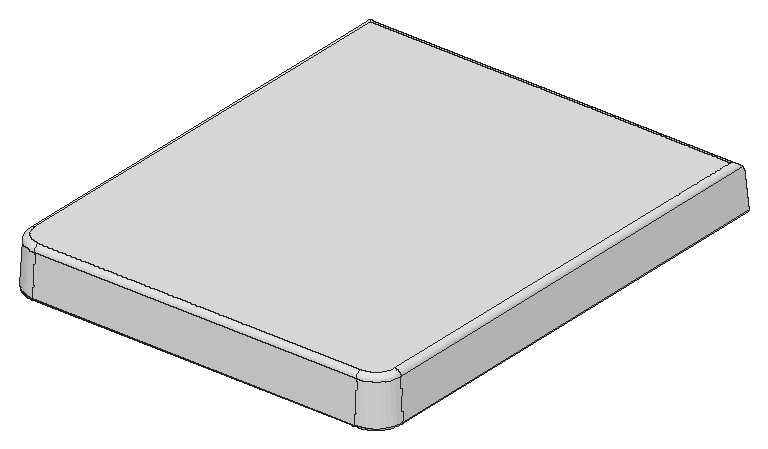
Revit family "Toilet_Seat-Elongated_Closed_Front-KOHLER-REVE-K-17183T_1", category Specialty Equipment, host Face, Revit 2017
Family settings
  Host = Face
  Round Connector Dimension = Use Diameter
  Part Type = Normal
  OmniClass Number = 23.31.25.00
  OmniClass Title = Toilet and Bath Specialties
  Cut with Voids When Loaded = No
  Shared = No
  Room Calculation Point = No
Parameters (values of type "0-White")
  Width = 13 125/128"  # constant formula
  WaterSense Certified = 1 = 0  # no
  URL = "http://www.kohler.com.cn/"
  Type = 1
  Product Page URL = "https://www.kohler.com.cn/product/K-17183T-BG-0/K-17183T-BG-0/"
  Product Name = "REVE"  # constant formula
  Product Documentation Link = "https://files.kohler.com.cn/pdfs/k_17183t.pdf"
  Model = "K-17183T-BG-0"  # constant formula
  Material = "Plastic"  # constant formula
  Master Format 2014 Name = "Toilet, Bath, and Laundry Accessories"  # constant formula
  Master Format 2014 = "10 28 00"  # constant formula
  Manufacturer Address = "Kohler Beijing Office (100016) 36-2-03-B, No. 88, Liuxiang Road, Beijing"  # constant formula
  Manufacturer = "KOHLER Co."  # constant formula
  Length = 17 19/128"  # constant formula
  Height = 1 31/32"  # constant formula
  Finish = Kohler-Plastic-0-White
  Environmental Product Declaration = ""
  Description = "Slow Down Toilet Cover"  # constant formula
  Default Elevation = 0"
  Declare Label = ""
  Date Modified = "05/12/2021"  # constant formula
  Date Created = "05/12/2021"  # constant formula
  Copyright = "Copyright KOHLER Co."  # constant formula
  Contact Us = "http://www.kohler.com.cn/contact/contact-us/"
  Assembly Code = "C1030200"
  ADA Compliant = 1 = 0  # no
Reference planes (in)
  plane 1 "Center (Front/Back)": y = 0
  plane 2: z = 0
  plane 3 "Center (Left/Right)": x = 0
  plane 4: x = 6.98819
  plane 5: y = -8.5748
  plane 6: x = -6.98837
  plane 7: x = -4.40945
  plane 8: x = -4.88189
  plane 9: y = 8.57363
  plane 10: y = 8.34379
  plane 11: z = 1.96875
  plane 12: x = 4.40945
  plane 13: x = 4.88189
Dimensions and locks (in)
  "Width": plane 6 to plane 4
  "Length": plane 9 to plane 5
  plane 9 to plane 10 = 0.22985"
  "Height": plane 11 to level
  plane 8 to plane 13 = 9.76378"
  plane 7 to plane 12 = 8.8189"
  aligned and locked: plane 2 to host face
  aligned and locked: level to host face
Automatic sketch dimensions
  host sketch curve to host sketch curve = 96"  (x2)
Nested families (in)
  nested 1: "K-17183T" at (0, 0, 0), type "K-17183T"
Definition of nested family "K-17183T"
  Parameters (values of type "K-17183T")
    Material = none
  Reference planes (in)
    plane 1 "Center (Front/Back)": y = 0
    plane 2: z = 0
    plane 3 "Center (Left/Right)": x = 0
    plane 4: y = 8.5748
    plane 5: x = 6.98819
    plane 6: y = -8.5748
    plane 7: x = -6.98819
    plane 8: z = 1.9685
    plane 9: y = 7.98425
    plane 10: x = 4.88189
    plane 11: x = 4.40945
    plane 12: x = -4.88189
    plane 13: x = -4.40945
    plane 14: x = 3.87796
    plane 15: x = -3.87796
    plane 16: y = 8.34496
    plane 17: z = -0.13076
  Forms (in)
    Sweep 1, solid, material <- "Material", detail levels medium+fine
      path origin (0, 0, 0) x (1, 0, 0) y (0, 1, 0)
        loop
          line (6.98819, 8.5748) -> (6.98819, -7.59055)
          arc (6.98819, -7.59055) -> (6.69991, -8.28652) -> (6.00394, -8.5748) r 0.98425
          line (6.00394, -8.5748) -> (-6.00394, -8.5748)
          arc (-6.00394, -8.5748) -> (-6.69991, -8.28652) -> (-6.98819, -7.59055) r 0.98425
          line (-6.98819, -7.59055) -> (-6.98819, 8.5748)
      profile origin (6.98819, 0.49213, 0) x (1, 0, 0) y (0, 0, 1)
        loop
          arc (-0.06837, 1.75988) -> (-0.13563, 1.90796) -> (-0.28657, 1.9685) r 0.21842
          line (-0.28657, 1.9685) -> (-0.36584, 1.9685) -> (-0.36584, 0.19685) -> (-0.03863, 0.19685)
          arc (-0.03863, 0.19685) -> (-0.01068, 0.2088) -> (0, 0.23725) r 0.03867
          line (0, 0.23725) -> (-0.06837, 1.75988)
    Extrusion 2, solid, material <- "Material", detail levels medium+fine
      sketch origin (0, 0, 0) x (1, 0, 0) y (0, 1, 0)
        loop
          arc (-6.62235, -7.59055) -> (-6.44122, -8.02784) -> (-6.00394, -8.20897) r 0.61841
          line (-6.00394, -8.20897) -> (6.00394, -8.20897)
          arc (6.00394, -8.20897) -> (6.44122, -8.02784) -> (6.62235, -7.59055) r 0.61841
          line (6.62235, -7.59055) -> (6.62235, 8.5748) -> (-6.62235, 8.5748) -> (-6.62235, -7.59055)
      from 0.3937 to 1.9685
    Extrusion 3, void
      sketch origin (0, 0.07382, 0) x (0, 1, 0) y (0, 0, 1)
        loop
          line (7.77708, 2.06384) -> (7.77708, 1.99151) -> (7.82467, 1.99151)
          arc (7.82467, 1.99151) -> (8.20728, 1.83996) -> (8.38234, 1.46752) r 0.55876
          line (8.38234, 1.46752) -> (8.47149, 0.03742) -> (8.85714, 0.03742) -> (8.85714, 2.06384) -> (7.77708, 2.06384)
      from -8.66142 to 8.66142
    Extrusion 4, void
      sketch origin (0, -0.7874, 0) x (0, 1, 0) y (0, 0, 1)
        loop
          line (8.17007, 0.82031) -> (8.25128, -0.31328) -> (9.34355, -0.31328) -> (9.34355, 1.84979) -> (8.01734, 1.34071)
          arc (8.01734, 1.34071) -> (8.12164, 1.08871) -> (8.17007, 0.82031) r 1.27721
      from -4.40945 to 4.40945
    Extrusion 5, solid, material <- "Material", detail levels medium+fine
      sketch origin (0, -0.59055, 0) x (0, 1, 0) y (0, 0, 1)
        loop
          circle (8.5748, 1.01192) r 0.51181
      from -4.40945 to -3.0433
    Revolve 6, solid, material <- "Material", detail levels medium+fine
      sketch origin (-2.69686, 8.34496, 47.24409) x (1, 0, 0) y (0, 0, 1)
        loop
          line (-1.1811, -46.90945) -> (-1.1811, -47.24409) -> (-0.33247, -47.24409) -> (-0.33247, -46.98819)
          arc (-0.33247, -46.98819) -> (-0.35553, -46.93251) -> (-0.41121, -46.90945) r 0.07874
          line (-0.41121, -46.90945) -> (-1.1811, -46.90945)
        axis (-1.1811, -47.24409) -> (-1.1811, -46.90945)
      angle from 0 to 360
    Revolve 7, solid, material <- "Material", detail levels medium+fine
      sketch origin (3.10222, 7.98425, 47.24409) x (1, 0, 0) y (0, 0, 1)
        loop
          line (-6.98018, -46.94882) -> (-6.68008, -46.94882) -> (-6.57818, -46.56853) -> (-6.98018, -46.56853) -> (-6.98018, -46.94882)
        axis (-6.98018, -46.94882) -> (-6.98018, -46.56853)
      angle from 0 to 360
    Extrusion 8, void
      sketch origin (0, 0, 0) x (0, 1, 0) y (0, 0, 1)
        loop
          line (7.45276, 1.01192) -> (7.45276, -0.48446) -> (8.51575, -0.48446) -> (8.64666, 1.01192) -> (8.51575, 1.01192)
          arc (8.51575, 1.01192) -> (7.98425, 0.48042) -> (7.45276, 1.01192) r 0.5315
      from -4.86934 to -2.63542
    Extrusion 9, solid, material <- "Material", detail levels medium+fine
      sketch origin (0, -0.59055, 0) x (0, 1, 0) y (0, 0, -1)
        loop
          circle (8.5748, -1.01192) r 0.51181
      from -4.40945 to -3.0433
    Revolve 10, solid, material <- "Material", detail levels medium+fine
      sketch origin (2.69686, 8.34496, 47.24409) x (-1, 0, 0) y (0, 0, -1)
        loop
          line (-1.1811, 46.90945) -> (-0.41121, 46.90945)
          arc (-0.41121, 46.90945) -> (-0.35553, 46.93251) -> (-0.33247, 46.98819) r 0.07874
          line (-0.33247, 46.98819) -> (-0.33247, 47.24409) -> (-1.1811, 47.24409) -> (-1.1811, 46.90945)
        axis (-1.1811, 47.24409) -> (-1.1811, 46.90945)
      angle from 0 to 360
    Revolve 11, solid, material <- "Material", detail levels medium+fine
      sketch origin (-3.10222, 7.98425, 47.24409) x (-1, 0, 0) y (0, 0, -1)
        loop
          line (-6.98018, 46.94882) -> (-6.98018, 46.56853) -> (-6.57818, 46.56853) -> (-6.68008, 46.94882) -> (-6.98018, 46.94882)
        axis (-6.98018, 46.94882) -> (-6.98018, 46.56853)
      angle from 0 to 360
    Extrusion 12, void
      sketch origin (0, 0, 0) x (0, 1, 0) y (0, 0, -1)
        loop
          arc (7.45276, -1.01192) -> (7.98425, -0.48042) -> (8.51575, -1.01192) r 0.5315
          line (8.51575, -1.01192) -> (8.64666, -1.01192) -> (8.51575, 0.48446) -> (7.45276, 0.48446) -> (7.45276, -1.01192)
      from -4.86934 to -2.63542
    Sweep 13, solid, material <- "Material", detail levels medium+fine
      path origin (0, 0, 0) x (1, 0, 0) y (0, 1, 0)
        loop
          arc (-0.89622, 5.75268) -> (-2.22859, 5.31409) -> (-3.30659, 4.41659) r 3.74997
          arc (-3.30659, 4.41659) -> (-4.1269, 3.01091) -> (-4.46299, 1.41845) r 5.10381
          arc (-4.46299, 1.41845) -> (-4.38125, 0.10524) -> (-4.0148, -1.15846) r 5.99079
          arc (-4.0148, -1.15846) -> (-3.4004, -2.5724) -> (-2.73649, -3.96379) r 43.69395
          arc (-2.73649, -3.96379) -> (-2.0781, -4.8934) -> (-1.16972, -5.58078) r 3.72782
          arc (-1.16972, -5.58078) -> (0, -5.87597) -> (1.16972, -5.58078) r 2.4652
          arc (1.16972, -5.58078) -> (2.0781, -4.8934) -> (2.73649, -3.96379) r 3.72782
          arc (2.73649, -3.96379) -> (3.4004, -2.5724) -> (4.0148, -1.15846) r 43.69395
          arc (4.0148, -1.15846) -> (4.38125, 0.10524) -> (4.46299, 1.41845) r 5.99079
          arc (4.46299, 1.41845) -> (4.1269, 3.01091) -> (3.30659, 4.41659) r 5.10381
          arc (3.30659, 4.41659) -> (2.22859, 5.31409) -> (0.89622, 5.75268) r 3.74997
          arc (0.89622, 5.75268) -> (0, 5.81096) -> (-0.89622, 5.75268) r 6.9202
      profile origin (4.46299, 1.41845, 0) x (0.998854, 0.047853, 0) y (0, 0, 1)
        loop
          arc (-0.1034, 0) -> (-0.00596, 0.04036) -> (0.03439, 0.1378) r 0.1378
          line (0.03439, 0.1378) -> (0.03439, 0.3937) -> (-0.38298, 0.3937) -> (-0.38298, 0.13938)
          arc (-0.38298, 0.13938) -> (-0.34216, 0.04082) -> (-0.2436, 0) r 0.13938
          line (-0.2436, 0) -> (-0.1034, 0)
    Extrusion 14, solid, material <- "Material", detail levels medium+fine
      sketch origin (0, 0, 0) x (1, 0, 0) y (0, 1, 0)
        loop
          line (-5.49015, 1.12141) -> (-6.22637, 1.12141)
          arc (-6.22637, 1.12141) -> (-6.47274, 1.01936) -> (-6.57479, 0.77299) r 0.34843
          arc (-6.57479, 0.77299) -> (-6.47274, 0.52661) -> (-6.22637, 0.42456) r 0.34843
          line (-6.22637, 0.42456) -> (-5.49015, 0.42456)
          arc (-5.49015, 0.42456) -> (-5.24377, 0.52661) -> (-5.14172, 0.77299) r 0.34843
          arc (-5.14172, 0.77299) -> (-5.24377, 1.01936) -> (-5.49015, 1.12141) r 0.34843
        loop
          arc (-5.87034, -6.67147) -> (-5.94572, -6.78429) -> (-5.97219, -6.91736) r 0.34774
          arc (-5.97219, -6.91736) -> (-5.75753, -7.23863) -> (-5.37857, -7.16325) r 0.34774
          line (-5.37857, -7.16325) -> (-4.85798, -6.64266)
          arc (-4.85798, -6.64266) -> (-4.7826, -6.52985) -> (-4.75613, -6.39678) r 0.34774
          arc (-4.75613, -6.39678) -> (-4.97079, -6.07551) -> (-5.34975, -6.15089) r 0.34774
          line (-5.34975, -6.15089) -> (-5.87034, -6.67147)
        loop
          line (5.87034, -6.67147) -> (5.34975, -6.15089)
          arc (5.34975, -6.15089) -> (4.97079, -6.07551) -> (4.75613, -6.39678) r 0.34774
          arc (4.75613, -6.39678) -> (4.7826, -6.52985) -> (4.85798, -6.64266) r 0.34774
          line (4.85798, -6.64266) -> (5.37857, -7.16325)
          arc (5.37857, -7.16325) -> (5.75753, -7.23863) -> (5.97219, -6.91736) r 0.34774
          arc (5.97219, -6.91736) -> (5.94572, -6.78429) -> (5.87034, -6.67147) r 0.34774
        loop
          circle (-5.96574, -3.77943) r 0.33446
        loop
          circle (5.96574, -3.77943) r 0.33446
        loop
          arc (5.49015, 1.12141) -> (5.24377, 1.01936) -> (5.14172, 0.77299) r 0.34843
          arc (5.14172, 0.77299) -> (5.24377, 0.52661) -> (5.49015, 0.42456) r 0.34843
          line (5.49015, 0.42456) -> (6.22637, 0.42456)
          arc (6.22637, 0.42456) -> (6.47274, 0.52661) -> (6.57479, 0.77299) r 0.34843
          arc (6.57479, 0.77299) -> (6.47274, 1.01936) -> (6.22637, 1.12141) r 0.34843
          line (6.22637, 1.12141) -> (5.49015, 1.12141)
      from 0 to 0.27559
    Extrusion 15, void
      sketch origin (0, 0, 0) x (0, 1, 0) y (0, 0, 1)
        loop
          line (-4.5632, 0.1825) -> (-7.90965, 0.1825) -> (-7.90965, -0.50648) -> (6.06673, -0.50648) -> (6.06673, -0.1385) -> (-4.5632, 0.1825)
      from -5.90551 to 5.90551
    Extrusion 16, solid, material <- "Material", detail levels coarse
      sketch origin (0, 0, 0) x (1, 0, 0) y (0, 1, 0)
        loop
          line (-6.98819, 8.53285) -> (-6.98819, -8.78998) -> (6.98819, -8.78998) -> (6.98819, 8.53285) -> (-6.98819, 8.53285)
      from 0 to 1.9685
  Cuts and joins
    Extrusion 3, Extrusion 4, Extrusion 8, Extrusion 12 cuts Sweep 1
    Extrusion 3, Extrusion 4, Extrusion 8, Extrusion 12 cuts Extrusion 2
    Extrusion 12 cuts Revolve 6
    Extrusion 12 cuts Revolve 7
    Extrusion 15 cuts Sweep 13
    joined: Sweep 1, Extrusion 2, Extrusion 5, Revolve 6, Revolve 7, Extrusion 9, Revolve 10, Revolve 11, Sweep 13, Extrusion 14
  Lines and regions (in)
    Masking region 1
      outline origin (0, 0, 0) x (1, 0, 0) y (0, 1, 0)
        loop
          arc (-3.02933, 8.34496) -> (-3.78214, 9.18817) -> (-4.70496, 8.53537) r 0.84864
          line (-4.70496, 8.53537) -> (-6.94952, 8.53537)
          spline (-6.94952, 8.53537) -> (-6.95471, 8.53535) -> (-6.95981, 8.53529) -> (-6.96472, 8.53518) -> (-6.96935, 8.53503) -> (-6.97363, 8.53485) -> (-6.97748, 8.53463) -> (-6.98081, 8.53438) -> (-6.98359, 8.53411) -> (-6.98574, 8.53381) -> (-6.98724, 8.5335) -> (-6.98806, 8.53318) -> (-6.98819, 8.53286)
          line (-6.98819, 8.53286) -> (-6.98819, -7.59055)
          arc (-6.98819, -7.59055) -> (-6.69991, -8.28652) -> (-6.00394, -8.5748) r 0.98425
          line (-6.00394, -8.5748) -> (6.00394, -8.5748)
          arc (6.00394, -8.5748) -> (6.69991, -8.28652) -> (6.98819, -7.59055) r 0.98425
          line (6.98819, -7.59055) -> (6.98819, 8.53297)
          spline (6.98819, 8.53297) -> (6.98806, 8.53318) -> (6.98724, 8.5335) -> (6.98574, 8.53381) -> (6.98359, 8.53411) -> (6.98081, 8.53438) -> (6.97748, 8.53463) -> (6.97363, 8.53485) -> (6.96935, 8.53503) -> (6.96472, 8.53518) -> (6.95981, 8.53529) -> (6.95471, 8.53535) -> (6.94952, 8.53537)
          line (6.94952, 8.53537) -> (4.70496, 8.53537)
          arc (4.70496, 8.53537) -> (3.78214, 9.18817) -> (3.02933, 8.34496) r 0.84864
          line (3.02933, 8.34496) -> (-3.02933, 8.34496)
    Masking region 2
      outline origin (0, 0, 0) x (1, 0, 0) y (0, 0, 1)
        loop
          line (6.98819, 0.23725) -> (6.92376, 1.67201)
          arc (6.92376, 1.67201) -> (6.8649, 1.80376) -> (6.732, 1.85997) r 0.19685
          arc (6.732, 1.85997) -> (5.62857, 1.88536) -> (4.52505, 1.90666) r 298.08943
          line (4.52505, 1.90666) -> (0.98228, 1.9685) -> (-0.98228, 1.9685) -> (-4.52505, 1.90666)
          arc (-4.52505, 1.90666) -> (-5.62857, 1.88536) -> (-6.732, 1.85997) r 298.08943
          arc (-6.732, 1.85997) -> (-6.8649, 1.80376) -> (-6.92376, 1.67201) r 0.19685
          line (-6.92376, 1.67201) -> (-6.98819, 0.23725)
          arc (-6.98819, 0.23725) -> (-6.97751, 0.2088) -> (-6.94956, 0.19685) r 0.03867
          line (-6.94956, 0.19685) -> (-6.57479, 0.19685) -> (-6.57479, 0) -> (-4.75613, 0) -> (-4.75613, 0.16082) -> (-4.58739, 0.05943)
          arc (-4.58739, 0.05943) -> (-4.48701, 0.01589) -> (-4.37874, 0) r 0.41637
          line (-4.37874, 0) -> (4.37874, 0)
          arc (4.37874, 0) -> (4.48701, 0.01589) -> (4.58739, 0.05943) r 0.41637
          line (4.58739, 0.05943) -> (4.75613, 0.16082) -> (4.75613, 0) -> (6.57479, 0) -> (6.57479, 0.19685) -> (6.94956, 0.19685)
          arc (6.94956, 0.19685) -> (6.97751, 0.2088) -> (6.98819, 0.23725) r 0.03867
    Masking region 3
      outline origin (0, 0, 0) x (0, 1, 0) y (0, 0, 1)
        loop
          arc (-8.57458, 0.23799) -> (-8.56371, 0.20901) -> (-8.53525, 0.19685) r 0.03937
          line (-8.53525, 0.19685) -> (-7.25961, 0.19685) -> (-7.25961, 0) -> (-6.04904, 0) -> (-6.04904, 0.19685)
          arc (-6.04904, 0.19685) -> (-5.30604, 0.1973) -> (-4.5632, 0.1825) r 36.19033
          line (-4.5632, 0.1825) -> (-4.11389, 0.16893) -> (-4.11389, 0) -> (-3.44497, 0) -> (-3.44497, 0.14873) -> (0.42456, 0.088) -> (0.42456, 0) -> (1.12141, 0) -> (1.12141, 0.07706) -> (5.9365, 0.00148)
          arc (5.9365, 0.00148) -> (6.02889, 0.01873) -> (6.10724, 0.07064) r 0.23622
          line (6.10724, 0.07064) -> (6.21038, 0.17379)
          arc (6.21038, 0.17379) -> (6.23593, 0.19086) -> (6.26606, 0.19685) r 0.07874
          line (6.26606, 0.19685) -> (7.49628, 0.19685) -> (7.49628, 0) -> (9.19363, 0) -> (9.19363, 0.25632)
          arc (9.19363, 0.25632) -> (9.17069, 0.31172) -> (9.11529, 0.33466) r 0.07834
          line (9.11529, 0.33466) -> (8.52657, 0.33466) -> (8.48946, 0.92996)
          arc (8.48946, 0.92996) -> (8.49507, 1.04376) -> (8.47537, 1.15599) r 0.51181
          line (8.47537, 1.15599) -> (8.45619, 1.46713)
          arc (8.45619, 1.46713) -> (8.33569, 1.7807) -> (8.05717, 1.9685) r 0.55876
          line (8.05717, 1.9685) -> (4.51125, 1.9685)
          arc (4.51125, 1.9685) -> (2.32534, 1.95286) -> (0.13988, 1.90594) r 152.73674
          arc (0.13988, 1.90594) -> (-4.08463, 1.83513) -> (-8.30964, 1.86457) r 178.06833
          arc (-8.30964, 1.86457) -> (-8.44803, 1.81131) -> (-8.50999, 1.67658) r 0.19685
          line (-8.50999, 1.67658) -> (-8.57458, 0.23799)
    symbolic lines, detail levels medium+fine
      curve 1: line (6.79134, -7.59055, 0) -> (6.79134, 8.04325, 0)
      curve 2: line (-6.79134, 8.04325, 0) -> (-6.79134, -7.59055, 0)
      curve 3: arc (-6.79134, -7.59055, 0) -> (-6.56071, -8.14733, 0) -> (-6.00394, -8.37795, 0) r 0.7874
      curve 4: line (-6.00394, -8.37795, 0) -> (6.00394, -8.37795, 0)
      curve 5: arc (6.00394, -8.37795, 0) -> (6.56071, -8.14733, 0) -> (6.79134, -7.59055, 0) r 0.7874
      curve 6: arc (-6.79658, 8.09316, 0) -> (-4.52957, 7.87201, 0) -> (-2.25261, 7.81111, 0) r 32.31633
      curve 7: arc (6.79658, 8.09316, 0) -> (4.52957, 7.87201, 0) -> (2.25261, 7.81111, 0) r 32.31633
      curve 8: arc (-2.25261, 7.81111, 0) -> (0, 7.82069, 0) -> (2.25261, 7.81111, 0) r 264.80963
      curve 9: line (-6.79134, 8.04325, 0) -> (-6.8085, 8.20656, 0)
      curve 10: arc (-6.8085, 8.20656, 0) -> (-6.82761, 8.37119, 0) -> (-6.85026, 8.53537, 0) r 7.67658
      curve 11: line (6.79134, 8.04325, 0) -> (6.8085, 8.20656, 0)
      curve 12: arc (6.8085, 8.20656, 0) -> (6.82761, 8.37119, 0) -> (6.85026, 8.53537, 0) r 7.67658
      curve 13: line (-6.8085, 8.20656, 0) -> (-4.49524, 8.12578, 0)
      curve 14: line (6.8085, 8.20656, 0) -> (4.49524, 8.12578, 0)
      curve 15: arc (-4.49524, 8.12578, 0) -> (0, 8.04731, 0) -> (4.49524, 8.12578, 0) r 128.80535
      curve 16: line (-4.40945, 8.53537, 0) -> (-4.40945, 8.12281, 0)
      curve 17: line (-4.88189, 8.53537, 0) -> (-4.88189, 8.13928, 0)
      curve 18: line (4.40945, 8.53537, 0) -> (4.40945, 8.12281, 0)
      curve 19: line (4.88189, 8.53537, 0) -> (4.88189, 8.13928, 0)
      curve 20: line (4.70496, 8.53537, 0) -> (4.40945, 8.53537, 0)
      curve 21: line (-4.70496, 8.53537, 0) -> (-4.40945, 8.53537, 0)
      curve 22: line (6.79134, -7.59055, 0) -> (6.98679, -7.64292, 0)
      curve 23: line (6.00394, -8.37795, 0) -> (6.05668, -8.5748, 0)
      curve 24: line (-6.79134, -7.59055, 0) -> (-6.98679, -7.64292, 0)
      curve 25: line (-6.00394, -8.37795, 0) -> (-6.05668, -8.5748, 0)
      curve 26: line (3.02933, 8.34496, 0) -> (4.40945, 8.34496, 0)
      curve 27: line (-3.02933, 8.34496, 0) -> (-4.40945, 8.34496, 0)
      curve 28: line (6.57479, 0, 0.19685) -> (-6.57479, 0, 0.19685)
      curve 29: line (4.75613, 0, 0.16082) -> (4.80759, 0, 0.19685)
      curve 30: line (-4.75613, 0, 0.16082) -> (-4.80759, 0, 0.19685)
      curve 31: line (3.5308, 0, 0.11388) -> (4.13304, 0, 0.07176)
      curve 32: arc (4.13304, 0, 0.07176) -> (4.25402, 0, 0.05975) -> (4.3741, 0, 0.04071) r 2.08502
      curve 33: arc (4.3741, 0, 0.04071) -> (4.40854, 0, 0.03356) -> (4.44271, 0, 0.02517) r 0.97246
      curve 34: arc (4.44271, 0, 0.02517) -> (4.45279, 0, 0.01919) -> (4.45822, 0, 0.00878) r 0.02144
      curve 35: arc (1.66213, 0, 0.19685) -> (2.59699, 0, 0.16725) -> (3.5308, 0, 0.11388) r 36.76768
      curve 36: line (-3.5308, 0, 0.11388) -> (-4.13304, 0, 0.07176)
      curve 37: arc (-4.13304, 0, 0.07176) -> (-4.25402, 0, 0.05975) -> (-4.3741, 0, 0.04071) r 2.08502
      curve 38: arc (-4.3741, 0, 0.04071) -> (-4.40854, 0, 0.03356) -> (-4.44271, 0, 0.02517) r 0.97246
      curve 39: arc (-1.66213, 0, 0.19685) -> (-2.59699, 0, 0.16725) -> (-3.5308, 0, 0.11388) r 36.76768
      curve 40: arc (-4.44271, 0, 0.02517) -> (-4.45192, 0, 0.01886) -> (-4.45508, 0, 0.00814) r 0.01666
      curve 41: line (6.92376, 0, 1.67201) -> (-6.92376, 0, 1.67201)
      curve 42: line (-6.98818, 0, 0.23725) -> (6.98818, 0, 0.23725)
      curve 43: line (0, -8.50999, 1.67658) -> (0, 8.40124, 1.67658)
      curve 44: line (0, -7.25961, 0.19685) -> (0, 8.53516, 0.19685)
      curve 45: line (0, 8.52657, 0.33466) -> (0, 8.53516, 0.19685)
      curve 46: line (0, -8.57458, 0.23799) -> (0, 8.53259, 0.23799)
      curve 47: line (0, 8.34496, 0.23799) -> (0, 8.2191, 1.67658)
      curve 48: arc (0, 8.2191, 1.67658) -> (0, 8.14604, 1.85823) -> (0, 7.98425, 1.9685) r 0.33661
      curve 49: line (0, -3.44497, 0.14873) -> (0, -4.11389, 0.16893)
      curve 50: line (-5.37857, 0, 0) -> (-5.37857, 0, 0.19685)
      curve 51: line (5.37857, 0, 0) -> (5.37857, 0, 0.19685)
      curve 52: line (0, 1.12141, 0.07706) -> (0, 0.42456, 0.088)
  Dimensions and locks (in)
    plane 6 to plane 4 = 17.14961"
    plane 4 to plane 9 = 0.59055"
    plane 7 to plane 5 = 13.97638"
    aligned and locked: level to plane 2
